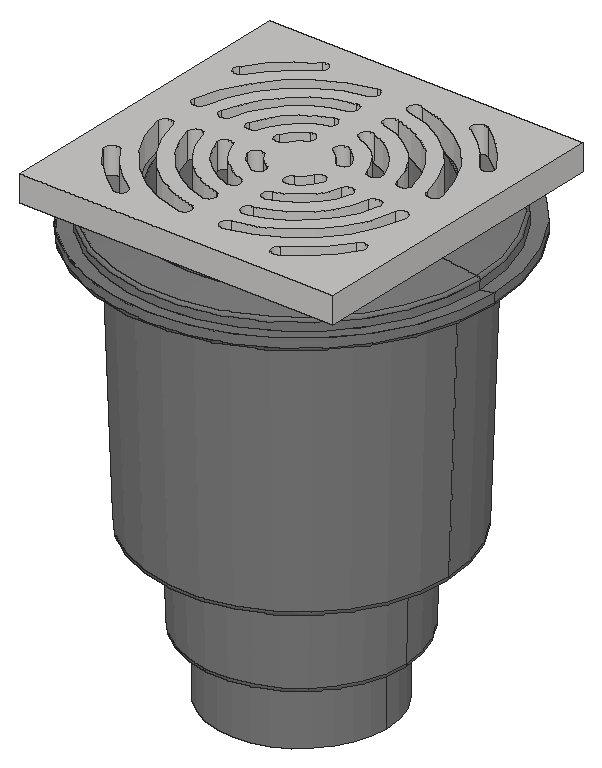
Revit family "PlumbingFixture_Drain_Galvin_DB", category Plumbing Fixtures, host Face, Revit 2011
Parameters (values of type "DB4D08SX - ST/ST 316")
  URL = "www.galvinengineering.com.au"
  Type Comments = "Square"
  StyleOrType_ANZRS = "Drain"
  ModifiedIssue_ANZRS = 20140526.01  # constant formula
  Model = "DB4D08SX - ST/ST 316"
  Manufacturer = "Galvin Engineering"
  Keynote = "10800"
  Instructions = "http://www.galvinengineering.com.au/Installation_Guides_1.aspx"
  GrateMaterial = Metal_Drains_Stainless-Steel_15400
  FilterObject_ANZRS = "DBX"
  OutletRadius_DoNotEdit = 50 mm
  DimTop = 200 mm  # constant formula
  DimOutlet = if(OutletRadius_DoNotEdit > 0 mm, (OutletRadius_DoNotEdit * 2), (OutletRadius_DoNotEdit * 2))  # 100 mm
  DimGrateHeight = 34 mm  # constant formula
  DimBodyHeight = 235 mm  # constant formula
  DimAdjustableTop = 60 mm  # constant formula
  Description = "Square Bucket Trap Combination - Deep"
  Default Elevation = 0 mm
  CreatedBy_ANZRS = "Galvin Engineering"
  CreatedByURL_ANZRS = "www.galvinengineering.com.au"
  CreatedByPhoneNo_ANZRS = "61-8-92495900"
  Circulation_ANZRS = yes
  CHWFlow_ANZRS = 6.4 L/s
  BodyMaterial = Metal_Drains_Cast-Iron_15400
  Assembly Code = "D2040200"
Reference planes
  plane 1 "Center (Front/Back)": y = 0
  plane 2 "Face": z = 0
  plane 3 "Center (Left/Right)": x = 0
  plane 4 "GrateHeight": z = -34
  plane 5 "Bottom": z = -269
  plane 6 "AdjustableTop": z = 60
  plane 7 "Left": x = -100
  plane 8 "Right": x = 100
Forms (mm)
  Revolve 1, solid, material "Metal_Drains_Cast-Iron_15400" <- "BodyMaterial"
    sketch origin (0, 0, 0) x (1, 0, 0) y (0, 0, 1)
      loop
        line (-123.662, -33.872) -> (-123.662, -39.494)
        arc (-123.662, -39.494) -> (-123.171, -40.807) -> (-121.938, -41.475) r 2
        line (-121.938, -41.475) -> (-102.437, -44.196)
        arc (-102.437, -44.196) -> (-100.623, -45.159) -> (-99.854, -47.064) r 3
        line (-99.854, -47.064) -> (-94.348, -207.16)
        arc (-94.348, -207.16) -> (-93.691, -208.932) -> (-92.104, -209.96) r 3
        line (-92.104, -209.96) -> (-71.092, -215.423)
        arc (-71.092, -215.423) -> (-69.498, -216.46) -> (-68.848, -218.247) r 3
        line (-68.848, -218.247) -> (-67.566, -266.08)
        arc (-67.566, -266.08) -> (-66.66, -268.15) -> (-64.567, -269) r 3
        line (-64.567, -269) -> (-54.819, -269) -> (-54.819, -307.671) -> (-50, -307.671) -> (-50, -218.094)
        arc (-50, -218.094) -> (-51.017, -215.072) -> (-53.655, -213.279) r 5
        line (-53.655, -213.279) -> (-86.062, -204.226)
        arc (-86.062, -204.226) -> (-87.097, -203.536) -> (-87.523, -202.368) r 2
        line (-87.523, -202.368) -> (-93.036, -41.224) -> (-85.416, -41.224) -> (-85.416, -58.272)
        arc (-85.416, -58.272) -> (-82.229, -61.459) -> (-79.042, -58.272) r 3.187
        line (-79.042, -58.272) -> (-79.042, -16.577) -> (-90.515, -16.577) -> (-90.515, -25.076) -> (-112.585, -28.105)
        arc (-112.585, -28.105) -> (-113.82, -28.772) -> (-114.313, -30.087) r 2
        line (-114.313, -30.087) -> (-114.313, -35.106) -> (-123.662, -33.872)
      axis (0, -16.577) -> (0, -307.671)
    angle from 0 to 360
  Extrusion 2, solid, material "Metal_Drains_Stainless-Steel_15400" <- "GrateMaterial"
    sketch origin (0, 0, 0) x (1, 0, 0) y (0, 1, 0)
      loop
        line (-100, -100) -> (100, -100) -> (100, 100) -> (-100, 100) -> (-100, -100)
      loop
        arc (-52.958, 82.645) -> (-69.472, 69.531) -> (-82.834, 53.218) r 99
        arc (-82.834, 53.218) -> (-81.533, 46.988) -> (-75.303, 48.289) r 4.5
        arc (-75.303, 48.289) -> (-63.156, 63.119) -> (-48.144, 75.041) r 90
        arc (-48.144, 75.041) -> (-46.749, 81.25) -> (-52.958, 82.645) r 4.5
      loop
        arc (-14.61, 78.671) -> (-57.349, 56.202) -> (-79.709, 13.407) r 81
        arc (-79.709, 13.407) -> (-76.081, 8.178) -> (-70.852, 11.806) r 4.5
        arc (-70.852, 11.806) -> (-50.977, 49.847) -> (-12.987, 69.819) r 72
        arc (-12.987, 69.819) -> (-9.372, 75.057) -> (-14.61, 78.671) r 4.5
      loop
        arc (-13.745, 60.482) -> (-44.605, 43.491) -> (-61.517, 12.588) r 63
        arc (-61.517, 12.588) -> (-58.094, 7.223) -> (-52.729, 10.647) r 4.5
        arc (-52.729, 10.647) -> (-38.232, 37.135) -> (-11.781, 51.699) r 54
        arc (-11.781, 51.699) -> (-8.371, 57.073) -> (-13.745, 60.482) r 4.5
      loop
        arc (-13.02, 42.075) -> (-31.86, 30.779) -> (-43.108, 11.911) r 45
        arc (-43.108, 11.911) -> (-40.088, 6.309) -> (-34.487, 9.328) r 4.5
        arc (-34.487, 9.328) -> (-25.488, 24.423) -> (-10.416, 33.46) r 36
        arc (-10.416, 33.46) -> (-7.411, 39.07) -> (-13.02, 42.075) r 4.5
      loop
        arc (-12.766, 22.792) -> (-19.116, 18.068) -> (-23.824, 11.705) r 27
        arc (-23.824, 11.705) -> (-21.971, 5.617) -> (-15.883, 7.47) r 4.5
        arc (-15.883, 7.47) -> (-12.744, 11.712) -> (-8.51, 14.861) r 18
        arc (-8.51, 14.861) -> (-6.673, 20.954) -> (-12.766, 22.792) r 4.5
      loop
        arc (-82.834, -55.222) -> (-69.472, -71.535) -> (-52.958, -84.649) r 99
        arc (-52.958, -84.649) -> (-46.749, -83.254) -> (-48.144, -77.045) r 4.5
        arc (-48.144, -77.045) -> (-63.156, -65.123) -> (-75.303, -50.293) r 90
        arc (-75.303, -50.293) -> (-81.533, -48.992) -> (-82.834, -55.222) r 4.5
      loop
        arc (-79.671, -15.614) -> (-57.202, -58.353) -> (-14.407, -80.713) r 81
        arc (-14.407, -80.713) -> (-9.178, -77.085) -> (-12.806, -71.856) r 4.5
        arc (-12.806, -71.856) -> (-50.847, -51.981) -> (-70.819, -13.991) r 72
        arc (-70.819, -13.991) -> (-76.057, -10.376) -> (-79.671, -15.614) r 4.5
      loop
        arc (-61.482, -14.749) -> (-44.491, -45.609) -> (-13.588, -62.521) r 63
        arc (-13.588, -62.521) -> (-8.223, -59.098) -> (-11.647, -53.733) r 4.5
        arc (-11.647, -53.733) -> (-38.135, -39.236) -> (-52.699, -12.785) r 54
        arc (-52.699, -12.785) -> (-58.073, -9.375) -> (-61.482, -14.749) r 4.5
      loop
        arc (-43.075, -14.024) -> (-31.779, -32.864) -> (-12.911, -44.112) r 45
        arc (-12.911, -44.112) -> (-7.309, -41.092) -> (-10.328, -35.491) r 4.5
        arc (-10.328, -35.491) -> (-25.423, -26.492) -> (-34.46, -11.42) r 36
        arc (-34.46, -11.42) -> (-40.07, -8.415) -> (-43.075, -14.024) r 4.5
      loop
        arc (-8.47, -16.887) -> (-12.712, -13.748) -> (-15.861, -9.514) r 18
        arc (-15.861, -9.514) -> (-21.954, -7.677) -> (-23.792, -13.77) r 4.5
        arc (-23.792, -13.77) -> (-18.94, -20.247) -> (-12.386, -24.996) r 27
        arc (-12.386, -24.996) -> (-6.553, -22.818) -> (-8.47, -16.887) r 4.5
      loop
        arc (52.958, -84.649) -> (69.472, -71.535) -> (82.834, -55.222) r 99
        arc (82.834, -55.222) -> (81.533, -48.992) -> (75.303, -50.293) r 4.5
        arc (75.303, -50.293) -> (63.156, -65.123) -> (48.144, -77.045) r 90
        arc (48.144, -77.045) -> (46.749, -83.254) -> (52.958, -84.649) r 4.5
      loop
        arc (14.61, -80.675) -> (57.349, -58.206) -> (79.709, -15.411) r 81
        arc (79.709, -15.411) -> (76.081, -10.182) -> (70.852, -13.81) r 4.5
        arc (70.852, -13.81) -> (50.977, -51.851) -> (12.987, -71.823) r 72
        arc (12.987, -71.823) -> (9.372, -77.061) -> (14.61, -80.675) r 4.5
      loop
        arc (13.745, -62.486) -> (44.605, -45.495) -> (61.517, -14.592) r 63
        arc (61.517, -14.592) -> (58.094, -9.227) -> (52.729, -12.651) r 4.5
        arc (52.729, -12.651) -> (38.232, -39.139) -> (11.781, -53.703) r 54
        arc (11.781, -53.703) -> (8.371, -59.077) -> (13.745, -62.486) r 4.5
      loop
        arc (13.02, -44.079) -> (31.86, -32.783) -> (43.108, -13.915) r 45
        arc (43.108, -13.915) -> (40.088, -8.313) -> (34.487, -11.332) r 4.5
        arc (34.487, -11.332) -> (25.488, -26.427) -> (10.416, -35.464) r 36
        arc (10.416, -35.464) -> (7.411, -41.074) -> (13.02, -44.079) r 4.5
      loop
        arc (12.766, -24.796) -> (19.116, -20.072) -> (23.824, -13.709) r 27
        arc (23.824, -13.709) -> (21.971, -7.621) -> (15.883, -9.474) r 4.5
        arc (15.883, -9.474) -> (12.744, -13.716) -> (8.51, -16.865) r 18
        arc (8.51, -16.865) -> (6.673, -22.958) -> (12.766, -24.796) r 4.5
      loop
        arc (82.834, 53.218) -> (69.472, 69.531) -> (52.958, 82.645) r 99
        arc (52.958, 82.645) -> (46.749, 81.25) -> (48.144, 75.041) r 4.5
        arc (48.144, 75.041) -> (63.156, 63.119) -> (75.303, 48.289) r 90
        arc (75.303, 48.289) -> (81.533, 46.988) -> (82.834, 53.218) r 4.5
      loop
        arc (79.671, 13.61) -> (57.202, 56.349) -> (14.407, 78.709) r 81
        arc (14.407, 78.709) -> (9.178, 75.081) -> (12.806, 69.852) r 4.5
        arc (12.806, 69.852) -> (50.847, 49.977) -> (70.819, 11.987) r 72
        arc (70.819, 11.987) -> (76.057, 8.372) -> (79.671, 13.61) r 4.5
      loop
        arc (61.482, 12.745) -> (44.491, 43.605) -> (13.588, 60.517) r 63
        arc (13.588, 60.517) -> (8.223, 57.094) -> (11.647, 51.729) r 4.5
        arc (11.647, 51.729) -> (38.135, 37.232) -> (52.699, 10.781) r 54
        arc (52.699, 10.781) -> (58.073, 7.371) -> (61.482, 12.745) r 4.5
      loop
        arc (43.075, 12.02) -> (31.779, 30.86) -> (12.911, 42.108) r 45
        arc (12.911, 42.108) -> (7.309, 39.088) -> (10.328, 33.487) r 4.5
        arc (10.328, 33.487) -> (25.423, 24.488) -> (34.46, 9.416) r 36
        arc (34.46, 9.416) -> (40.07, 6.411) -> (43.075, 12.02) r 4.5
      loop
        arc (23.792, 11.766) -> (19.068, 18.116) -> (12.705, 22.824) r 27
        arc (12.705, 22.824) -> (6.617, 20.971) -> (8.47, 14.883) r 4.5
        arc (8.47, 14.883) -> (12.712, 11.744) -> (15.861, 7.51) r 18
        arc (15.861, 7.51) -> (21.954, 5.673) -> (23.792, 11.766) r 4.5
    from 0 to -16.577
  Revolve 3, void
    sketch origin (0, 0, 0) x (1, 0, 0) y (0, 0, 1)
      loop
        line (-123.662, -33.872) -> (-123.662, -39.494)
        arc (-123.662, -39.494) -> (-123.171, -40.807) -> (-121.938, -41.475) r 2
        line (-121.938, -41.475) -> (-102.437, -44.196)
        arc (-102.437, -44.196) -> (-100.623, -45.159) -> (-99.854, -47.064) r 3
        line (-99.854, -47.064) -> (-94.348, -207.16)
        arc (-94.348, -207.16) -> (-93.691, -208.932) -> (-92.104, -209.96) r 3
        line (-92.104, -209.96) -> (-71.092, -215.423)
        arc (-71.092, -215.423) -> (-69.498, -216.46) -> (-68.848, -218.247) r 3
        line (-68.848, -218.247) -> (-67.566, -266.08)
        arc (-67.566, -266.08) -> (-66.66, -268.15) -> (-64.567, -269) r 3
        line (-64.567, -269) -> (-54.819, -269) -> (-54.819, -307.671) -> (0, -307.671) -> (0, -16.577) -> (-90.515, -16.577) -> (-90.515, -25.076) -> (-112.585, -28.105)
        arc (-112.585, -28.105) -> (-113.82, -28.772) -> (-114.313, -30.087) r 2
        line (-114.313, -30.087) -> (-114.313, -35.106) -> (-123.662, -33.872)
      axis (0, -16.577) -> (0, -307.671)
    angle from 0 to 360
  Extrusion 4, void
    sketch origin (0, 0, 0) x (1, 0, 0) y (0, 1, 0)
      loop
        line (-100, -100) -> (100, -100) -> (100, 100) -> (-100, 100) -> (-100, -100)
    from 0 to -16.577
Lines and regions (mm)
  symbolic lines, style "Waste Outlets"
    curve 1: line (-92, -89, 0) -> (-92, 89, 0)
    curve 2: arc (-92, 89, 0) -> (-91.121, 91.121, 0) -> (-89, 92, 0) r 3
    curve 3: line (-89, 92, 0) -> (89, 92, 0)
    curve 4: arc (89, 92, 0) -> (91.121, 91.121, 0) -> (92, 89, 0) r 3
    curve 5: line (92, 89, 0) -> (92, -89, 0)
    curve 6: arc (92, -89, 0) -> (91.121, -91.121, 0) -> (89, -92, 0) r 3
    curve 7: line (89, -92, 0) -> (-89, -92, 0)
    curve 8: arc (-89, -92, 0) -> (-91.121, -91.121, 0) -> (-92, -89, 0) r 3
    curve 17: circle (-82, -82, 0) r 6 normal (0, 0, 1)
    curve 19: circle (82, -82, 0) r 6 normal (0, 0, 1)
  symbolic lines, style "Waste Outlets", detail levels medium+fine
    curve 9: line (-90.5, -88, 0) -> (-90.5, 86, 0)
    curve 10: arc (-90.5, 86, 0) -> (-89.621, 88.121, 0) -> (-87.5, 89, 0) r 3
    curve 11: line (-87.5, 89, 0) -> (87.5, 89, 0)
    curve 12: arc (87.5, 89, 0) -> (89.621, 88.121, 0) -> (90.5, 86, 0) r 3
    curve 13: line (90.5, 86, 0) -> (90.5, -88, 0)
    curve 14: arc (90.5, -88, 0) -> (89.621, -90.121, 0) -> (87.5, -91, 0) r 3
    curve 15: line (87.5, -91, 0) -> (-87.5, -91, 0)
    curve 16: arc (-87.5, -91, 0) -> (-89.621, -90.121, 0) -> (-90.5, -88, 0) r 3
    curve 18: circle (-82, -82, 0) r 3.673 normal (0, 0, 1)
    curve 20: circle (82, -82, 0) r 3.673 normal (0, 0, 1)
Dimensions and locks
  "DimTop": plane 7 "Left" to plane 8 "Right"
  "DimAdjustableTop": plane 6 "AdjustableTop" to plane 2 "Face"
  "DimGrateHeight": plane 2 "Face" to plane 4 "GrateHeight"
  "DimBodyHeight": plane 4 "GrateHeight" to plane 5 "Bottom"
  aligned and locked: plane 2 "Face" to host face
  aligned and locked: level to host face
Automatic sketch dimensions
  curve 17 to curve 18 = 0 mm  (x2)
  curve 19 to curve 20 = 0 mm  (x2)
  curve 1 to plane 7 "Left" = 8 mm
  curve 2 to curve 10 = 1.5 mm  (x2)
  curve 8 to curve 8 = 3 mm
  curve 2 to curve 2 = 3 mm
  curve 8 to curve 15 = 1.5 mm
  curve 16 to curve 18 = 5.5 mm
  curve 19 to plane 8 "Right" = 18 mm
  curve 19 to curve 15 = 5.5 mm
  curve 11 to plane 8 "Right" = 12.5 mm
  curve 11 to curve 4 = 1.5 mm
  curve 14 to curve 6 = 1.5 mm
  curve 6 to curve 13 = 1.5 mm
  curve 13 to curve 6 = 1.5 mm
  plane 1 "Center (Front/Back)" to curve 7 = 92 mm
  curve 8 to curve 16 = 1 mm
  curve 16 to curve 17 = 6 mm
  curve 14 to curve 20 = 6 mm
  curve 10 to plane 1 "Center (Front/Back)" = 86 mm
  curve 12 to curve 5 = 3 mm
  host sketch curve to host sketch curve = 400 mm  (x2)
  Revolve 1 sketch curve to plane 5 "Bottom" = 0 mm
  Revolve 1 sketch curve to plane 3 "Center (Left/Right)" = 0 mm
  Revolve 1 sketch curve to plane 3 "Center (Left/Right)" = 50 mm
  Revolve 1 sketch curve to Revolve 1 sketch curve = 3.655 mm
  Revolve 1 sketch curve to Revolve 1 sketch curve = 4.819 mm
  Revolve 1 sketch curve to Revolve 1 sketch curve = 5 mm
  Revolve 1 sketch curve to plane 5 "Bottom" = 3 mm
  Revolve 1 sketch curve to Revolve 1 sketch curve = 9.748 mm
  Revolve 1 sketch curve to plane 5 "Bottom" = 2.92 mm
  Revolve 1 sketch curve to Revolve 1 sketch curve = 13.848 mm
  Revolve 1 sketch curve to Revolve 1 sketch curve = 2.244 mm
  Revolve 1 sketch curve to Revolve 1 sketch curve = 0.755 mm  (x2)
  Revolve 1 sketch curve to plane 7 "Left" = 20.958 mm
  Revolve 1 sketch curve to Revolve 1 sketch curve = 3.187 mm
  Revolve 1 sketch curve to plane 7 "Left" = 14.476 mm
  Revolve 1 sketch curve to Revolve 1 sketch curve = 0.538 mm
  Revolve 1 sketch curve to Revolve 1 sketch curve = 1.999 mm
  Revolve 1 sketch curve to plane 7 "Left" = 9.485 mm
  Revolve 1 sketch curve to Revolve 1 sketch curve = 5.287 mm
  Revolve 1 sketch curve to plane 7 "Left" = 6.964 mm
  Revolve 1 sketch curve to Revolve 1 sketch curve = 2.998 mm
  Revolve 1 sketch curve to plane 7 "Left" = 0.146 mm
  plane 7 "Left" to Revolve 1 sketch curve = 2.437 mm
  plane 7 "Left" to Revolve 1 sketch curve = 2.852 mm
  Revolve 1 sketch curve to plane 4 "GrateHeight" = 3.913 mm
  plane 7 "Left" to Revolve 1 sketch curve = 12.313 mm
  Revolve 1 sketch curve to plane 4 "GrateHeight" = 5.895 mm
  Revolve 1 sketch curve to Revolve 1 sketch curve = 0.272 mm
  Revolve 1 sketch curve to Revolve 1 sketch curve = 7.349 mm
  Revolve 1 sketch curve to Revolve 1 sketch curve = 0.276 mm
  Revolve 1 sketch curve to plane 4 "GrateHeight" = 0.128 mm
  Revolve 1 sketch curve to Revolve 1 sketch curve = 2 mm
  Revolve 1 sketch curve to Revolve 1 sketch curve = 38.671 mm
  Revolve 1 sketch curve to Revolve 1 sketch curve = 47.753 mm
  Revolve 1 sketch curve to Revolve 1 sketch curve = 0.08 mm
  Revolve 1 sketch curve to Revolve 1 sketch curve = 0.152 mm
  Revolve 1 sketch curve to Revolve 1 sketch curve = 5.463 mm
  Revolve 1 sketch curve to Revolve 1 sketch curve = 2.8 mm
  Revolve 1 sketch curve to Revolve 1 sketch curve = 2.83 mm
  Revolve 1 sketch curve to Revolve 1 sketch curve = 1.858 mm
  plane 4 "GrateHeight" to Revolve 1 sketch curve = 48.509 mm
  plane 4 "GrateHeight" to Revolve 1 sketch curve = 24.272 mm
  plane 4 "GrateHeight" to Revolve 1 sketch curve = 13.167 mm
  Revolve 1 sketch curve to Revolve 1 sketch curve = 0.103 mm
  plane 4 "GrateHeight" to Revolve 1 sketch curve = 7.475 mm
  plane 4 "GrateHeight" to Revolve 1 sketch curve = 7.224 mm
  plane 4 "GrateHeight" to Revolve 1 sketch curve = 1.106 mm
  Revolve 1 sketch curve to plane 4 "GrateHeight" = 8.924 mm
  Revolve 1 sketch curve to Revolve 1 sketch curve = 8.499 mm
  plane 6 "AdjustableTop" to Revolve 1 sketch curve = 27.509 mm
  Extrusion 2 sketch curve to Extrusion 2 sketch curve = 0 mm  (x819)
  Extrusion 2 sketch curve to plane 7 "Left" = 0 mm
  Extrusion 2 sketch curve to plane 3 "Center (Left/Right)" = 0 mm  (x2)
  Extrusion 2 sketch curve to plane 8 "Right" = 0 mm
  Extrusion 2 sketch curve to plane 7 "Left" = 17.166 mm  (x2)
  Extrusion 2 sketch curve to plane 7 "Left" = 20.291 mm
  Extrusion 2 sketch curve to plane 7 "Left" = 20.329 mm
  Extrusion 2 sketch curve to Extrusion 2 sketch curve = 3.765 mm  (x4)
  Extrusion 2 sketch curve to Extrusion 2 sketch curve = 4.428 mm  (x2)
  Extrusion 2 sketch curve to Extrusion 2 sketch curve = 4.426 mm  (x2)
  Extrusion 2 sketch curve to Extrusion 2 sketch curve = 9.335 mm  (x2)
  Extrusion 2 sketch curve to Extrusion 2 sketch curve = 9.337 mm  (x2)
  Extrusion 2 sketch curve to Extrusion 2 sketch curve = 4.394 mm  (x2)
  Extrusion 2 sketch curve to Extrusion 2 sketch curve = 4.392 mm  (x2)
  Extrusion 2 sketch curve to Extrusion 2 sketch curve = 22.345 mm  (x2)
  Extrusion 2 sketch curve to Extrusion 2 sketch curve = 2.407 mm  (x4)
  Extrusion 2 sketch curve to Extrusion 2 sketch curve = 9.621 mm  (x2)
  Extrusion 2 sketch curve to Extrusion 2 sketch curve = 9.624 mm  (x2)
  Extrusion 2 sketch curve to Extrusion 2 sketch curve = 4.311 mm  (x2)
  Extrusion 2 sketch curve to Extrusion 2 sketch curve = 4.308 mm  (x2)
  Extrusion 2 sketch curve to Extrusion 2 sketch curve = 10.663 mm  (x2)
  Extrusion 2 sketch curve to Extrusion 2 sketch curve = 10.669 mm  (x2)
  Extrusion 2 sketch curve to Extrusion 2 sketch curve = 3.971 mm  (x2)
  Extrusion 2 sketch curve to Extrusion 2 sketch curve = 3.965 mm  (x2)
  Extrusion 2 sketch curve to plane 3 "Center (Left/Right)" = 14.61 mm
  Extrusion 2 sketch curve to plane 3 "Center (Left/Right)" = 14.407 mm
  Extrusion 2 sketch curve to Extrusion 2 sketch curve = 0.812 mm  (x2)
  Extrusion 2 sketch curve to Extrusion 2 sketch curve = 0.758 mm  (x4)
  Extrusion 2 sketch curve to Extrusion 2 sketch curve = 0.8 mm  (x2)
  Extrusion 2 sketch curve to Extrusion 2 sketch curve = 0.782 mm  (x4)
  Extrusion 2 sketch curve to Extrusion 2 sketch curve = 1.239 mm  (x4)
  Extrusion 2 sketch curve to Extrusion 2 sketch curve = 1.264 mm  (x4)
  Extrusion 2 sketch curve to Extrusion 2 sketch curve = 2.349 mm  (x2)
  Extrusion 2 sketch curve to Extrusion 2 sketch curve = 0.982 mm  (x2)
  Extrusion 2 sketch curve to Extrusion 2 sketch curve = 0.971 mm  (x2)
  Extrusion 2 sketch curve to Extrusion 2 sketch curve = 2.057 mm
  Extrusion 2 sketch curve to Extrusion 2 sketch curve = 1.302 mm  (x2)
  Extrusion 2 sketch curve to Extrusion 2 sketch curve = 1.291 mm  (x2)
  Extrusion 2 sketch curve to Extrusion 2 sketch curve = 2.128 mm  (x3)
  Extrusion 2 sketch curve to Extrusion 2 sketch curve = 1.78 mm
  Extrusion 2 sketch curve to Extrusion 2 sketch curve = 0.008 mm
  plane 3 "Center (Left/Right)" to Extrusion 2 sketch curve = 8.47 mm
  plane 3 "Center (Left/Right)" to Extrusion 2 sketch curve = 8.51 mm
  plane 3 "Center (Left/Right)" to Extrusion 2 sketch curve = 10.328 mm
  plane 3 "Center (Left/Right)" to Extrusion 2 sketch curve = 10.416 mm
  Extrusion 2 sketch curve to Extrusion 2 sketch curve = 2.118 mm
  Extrusion 2 sketch curve to plane 1 "Center (Front/Back)" = 7.51 mm
  Extrusion 2 sketch curve to Extrusion 2 sketch curve = 7.391 mm
  Extrusion 2 sketch curve to Extrusion 2 sketch curve = 7.372 mm
  Extrusion 2 sketch curve to Extrusion 2 sketch curve = 33.534 mm
  Extrusion 2 sketch curve to Extrusion 2 sketch curve = 33.737 mm
  Extrusion 2 sketch curve to plane 8 "Right" = 24.697 mm  (x2)
  Extrusion 2 sketch curve to plane 1 "Center (Front/Back)" = 7.47 mm
  plane 1 "Center (Front/Back)" to Extrusion 2 sketch curve = 1 mm
  Extrusion 2 sketch curve to Extrusion 2 sketch curve = 0.004 mm
  plane 1 "Center (Front/Back)" to Extrusion 2 sketch curve = 9.474 mm
  plane 1 "Center (Front/Back)" to Extrusion 2 sketch curve = 9.514 mm
  Extrusion 2 sketch curve to Extrusion 2 sketch curve = 2.377 mm
  Extrusion 2 sketch curve to Extrusion 2 sketch curve = 0.011 mm
  Extrusion 2 sketch curve to Extrusion 2 sketch curve = 34.679 mm  (x2)
  Extrusion 2 sketch curve to Extrusion 2 sketch curve = 34.882 mm  (x2)
  Extrusion 2 sketch curve to Extrusion 2 sketch curve = 44.778 mm
  Extrusion 2 sketch curve to plane 1 "Center (Front/Back)" = 9.328 mm
  Extrusion 2 sketch curve to plane 1 "Center (Front/Back)" = 9.416 mm
  Extrusion 2 sketch curve to Extrusion 2 sketch curve = 46.782 mm
  Revolve 3 sketch curve to plane 5 "Bottom" = 0 mm
  Revolve 3 sketch curve to plane 3 "Center (Left/Right)" = 0 mm  (x2)
  Revolve 3 sketch curve to plane 7 "Left" = 45.181 mm
  Revolve 3 sketch curve to Revolve 3 sketch curve = 9.748 mm
  Revolve 3 sketch curve to plane 5 "Bottom" = 2.92 mm
  Revolve 3 sketch curve to Revolve 3 sketch curve = 2.999 mm
  Revolve 3 sketch curve to plane 7 "Left" = 31.152 mm
  Revolve 3 sketch curve to Revolve 3 sketch curve = 2.244 mm
  Revolve 3 sketch curve to Revolve 3 sketch curve = 0.755 mm  (x2)
  Revolve 3 sketch curve to plane 7 "Left" = 9.485 mm
  Revolve 3 sketch curve to plane 7 "Left" = 8.651 mm
  Revolve 3 sketch curve to Revolve 3 sketch curve = 2.998 mm
  Revolve 3 sketch curve to plane 7 "Left" = 0.146 mm
  plane 7 "Left" to Revolve 3 sketch curve = 2.437 mm
  plane 7 "Left" to Revolve 3 sketch curve = 2.852 mm
  Revolve 3 sketch curve to plane 4 "GrateHeight" = 3.913 mm
  plane 7 "Left" to Revolve 3 sketch curve = 12.313 mm
  Revolve 3 sketch curve to Revolve 3 sketch curve = 0.272 mm
  Revolve 3 sketch curve to Revolve 3 sketch curve = 2 mm  (x2)
  Revolve 3 sketch curve to Revolve 3 sketch curve = 7.349 mm
  Revolve 3 sketch curve to Revolve 3 sketch curve = 0.276 mm
  plane 5 "Bottom" to Revolve 3 sketch curve = 38.671 mm
  Revolve 3 sketch curve to Revolve 3 sketch curve = 47.753 mm
  Revolve 3 sketch curve to Revolve 3 sketch curve = 0.08 mm
  Revolve 3 sketch curve to Revolve 3 sketch curve = 5.463 mm
  Revolve 3 sketch curve to Revolve 3 sketch curve = 2.8 mm
  plane 4 "GrateHeight" to Revolve 3 sketch curve = 48.509 mm
  plane 4 "GrateHeight" to Revolve 3 sketch curve = 13.167 mm
  Revolve 3 sketch curve to Revolve 3 sketch curve = 0.103 mm
  plane 4 "GrateHeight" to Revolve 3 sketch curve = 7.475 mm
  plane 4 "GrateHeight" to Revolve 3 sketch curve = 1.106 mm
  Revolve 3 sketch curve to plane 4 "GrateHeight" = 0.128 mm
  Revolve 3 sketch curve to plane 4 "GrateHeight" = 8.924 mm
  Revolve 3 sketch curve to Revolve 3 sketch curve = 8.499 mm
  plane 6 "AdjustableTop" to Revolve 3 sketch curve = 27.509 mm
  Extrusion 4 sketch curve to plane 7 "Left" = 0 mm
  Extrusion 4 sketch curve to plane 8 "Right" = 0 mm
  plane 1 "Center (Front/Back)" to Extrusion 4 sketch curve = 100 mm
  Extrusion 4 sketch curve to plane 1 "Center (Front/Back)" = 100 mm
  radius of curve 17 = 6 mm
  radius of curve 18 = 3.673 mm
  radius of curve 19 = 6 mm
  radius of curve 20 = 3.673 mm
Connectors
  piping at (0, 0, -307.671), driven by "OutletRadius_DoNotEdit"
    settings: on Revolve 1, index 1, connector radius 1.9685", flow factor 0, pipe flow 0.0 L/s, pressure drop 0.00 psi, fitting loss kfactor 0, connector angle 0.00°, fixture units 0, engagement length 0 mm, flow configuration 0, flow direction 0, fitting loss method 0, system type 28, joint type 0, gender type 0, connector reference index -1, connector utility 0, adjustable connector no, is connector primary yes, fitting loss table "", connector description ""
